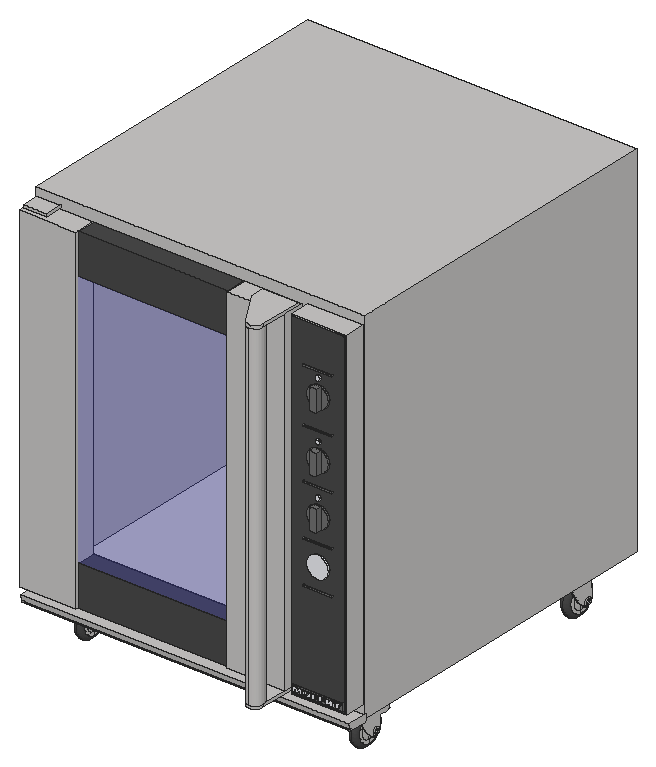
Revit family
Parameters
  Width = 28 7/8"
  Weight in Pounds = 171
  Watts = 1450 W
  Volts = 120 V
  URL Cutsheet = "www.moffat.com"
  URL = "www.moffat.com"
  Type Mark [instance] = ""
  Status [instance] = ""
  Specification by User [instance] = ""
  Specification by Manufacturer = ""
  Show Logo [instance] = yes
  Show Clearance [instance] = yes
  Serial Number = ""
  Seismic Rating = ""
  SMACNA No = ""
  Revision Code [instance] = ""
  Plumbing Remarks [instance] = ""
  Plumbing Connection Type [instance] = ""
  Phase = 1
  Omniclass Number and Title = ""
  Number of Poles [instance] = 1
  NAFEM Spec ID Number = ""
  Model = "P8M"
  Min Ckt Ampacity = 0 A
  Max Overcurrent Protection = 0 A
  Masterspec = ""
  Manufacturer = "TURBOFAN"
  Item Number [instance] = ""
  Installed By [instance] = ""
  Identify Quantity as Lot [instance] = yes
  Height = 36"
  HP = ""
  Furnished By [instance] = ""
  Foodservice Equipment Identifier [instance] = yes
  FL Amps = 11.6 A
  Electrical Remarks [instance] = ""
  Electric Connection Type [instance] = ""
  Elec Conn RI Height [instance] = 0"
  Elec Conn Connection Height [instance] = 0"
  Description = "FULL SIZE SHEET PAN - MANUAL ELECTRIC PROOFER AND HOLDING CABINET"
  Depth = 31 7/8"
  Cycle = if(Code = 0, (if([60 Hertz Option], 60 Hz, 50 Hz)), 60 Hz)  # 60 Hz
  Conn Plug = "NEMA 5-15P"
  Conn Conduit = yes
  Cold Water Temperature Recommended [instance] = -459.67 °F
  Cold Water Size = 3/4"
  Cold Water RI Height [instance] = 0"
  Cold Water Minimum Pressure [instance] = 20.00 psi
  Cold Water Maximum Pressure [instance] = 80.00 psi
  Cold Water Flow [instance] = 0 GPM
  Cold Water Consumption [instance] = ""
  Cold Water Connection Height = 0"
  Code = 0
  CSI MasterFormat = ""
  CSI Master Format = ""
  Apparent Power = if(Phase = 3, Volts * FL Amps * 1.73, Volts * FL Amps)  # 1392 VA
  60 Hertz Option = yes
  50 Hertz Option = not([60 Hertz Option])  # no
Reference planes (in)
  plane 1 "BACK": y = 0
  plane 2: z = 0
  plane 3 "LEFT": x = 0
  plane 4 "RIGHT": x = 28.875
  plane 5 "FRONT": y = -31.875
  plane 6 "TOP": z = 36
  plane 7 "Center Y": x = 14.4375
  plane 8 "Center X": y = -15.9375
  plane 9 "base": z = 3
  plane 10: z = 3.96803
  plane 11: z = 4.59795
  plane 12 "front 1": y = -29.92126
Forms (in)
  Extrusion 1, solid, material "QF_Finishes_Stainless Steel"
    sketch origin (0, 0, 0) x (1, 0, 0) y (0, 0, 1)
      loop
        line (0, 36) -> (0, 4.25) -> (28.875, 4.25) -> (28.875, 36) -> (0, 36)
      loop
        line (3, 33) -> (3, 7.59795) -> (20.48425, 7.59795) -> (20.48425, 33) -> (3, 33)
    from 0 to 29.92126
  Extrusion 2, solid, material "QF_Finishes_Stainless Steel"
    sketch origin (0, 0, 0) x (1, 0, 0) y (0, 0, 1)
      loop
        line (3, 33) -> (3, 7.59795) -> (20.48425, 7.59795) -> (20.48425, 33) -> (3, 33)
    from 0 to 2
  Extrusion 3, solid, material "QF_Finishes_Stainless Steel"
    sketch origin (0, -29.92126, 0) x (1, 0, 0) y (0, 0, 1)
      loop
        line (0.15748, 35.06055) -> (0.15748, 5.40157) -> (5.11811, 5.40157) -> (5.11811, 35.06055) -> (0.15748, 35.06055)
      loop
        line (18.36614, 35.06055) -> (18.36614, 5.40157) -> (23.48425, 5.40157) -> (23.48425, 35.06055) -> (18.36614, 35.06055)
    from 0.125 to 1.95374
  Extrusion 4, solid, material "QF_Finishes_Stainless Steel"
    sketch origin (0, -29.92126, 0) x (1, 0, 0) y (0, 0, 1)
      loop
        line (24.01575, 35.29677) -> (24.01575, 5.39913) -> (28.875, 5.39913) -> (28.875, 35.29677) -> (24.01575, 35.29677)
    from 0.125 to 1.95374
  Extrusion 5, solid, material "QF_Finishes_Black"
    sketch origin (0, -29.92126, 0) x (1, 0, 0) y (0, 0, 1)
      loop
        line (5.11811, 35.06055) -> (5.11811, 31.51724) -> (18.36614, 31.51724) -> (18.36614, 35.06055) -> (5.11811, 35.06055)
      loop
        line (5.11811, 5.40157) -> (18.36614, 5.40157) -> (18.36614, 8.94488) -> (5.11811, 8.94488) -> (5.11811, 5.40157)
    from 0.125 to 1.75
  Extrusion 6, solid, material "Glass"
    sketch origin (0, -29.92126, 0) x (1, 0, 0) y (0, 0, 1)
      loop
        line (5.11811, 31.51724) -> (5.11811, 8.94488) -> (18.36614, 8.94488) -> (18.36614, 31.51724) -> (5.11811, 31.51724)
    from 0.125 to 1.75
  Extrusion 7, solid, material "QF_Finishes_Stainless Steel"
    sketch origin (0.15748, -29.92126, 35.06055) x (1, 0, 0) y (0, 1, 0)
      loop
        arc (22.00626, -4.67108) -> (22.78105, -4.98323) -> (23.2874, -4.3189) r 0.68898
        line (23.2874, -4.3189) -> (23.2874, -0.43307) -> (20.17717, -0.43307) -> (20.17717, -1.68743) -> (22.00626, -4.67108)
      loop
        line (0, 0) -> (0, -1.5) -> (2, -1.5) -> (2, 0) -> (0, 0)
    from 0 to 0.25
  Extrusion 8, solid, material "QF_Finishes_Stainless Steel"
    sketch origin (23.48425, -29.92126, 5.40157) x (0, 1, 0) y (1, 0, 0)
      loop
        line (-4.67108, -1.32051) -> (-1.68743, -3.14961) -> (-0.43307, -3.14961) -> (-0.43307, -0.03937) -> (-4.3189, -0.03937)
        arc (-4.3189, -0.03937) -> (-4.98323, -0.54572) -> (-4.67108, -1.32051) r 0.68898
      loop
        line (0, -23.32677) -> (0, -21.32677) -> (-1.5, -21.32677) -> (-1.5, -23.32677) -> (0, -23.32677)
    from 0 to 0.25
  Extrusion 9, solid, material "QF_Finishes_Stainless Steel"
    sketch origin (0.15748, -29.92126, 35.06055) x (0, 1, 0) y (1, 0, 0)
      loop
        circle (-4.3189, 22.59843) r 0.68898
    from 0 to 29.66142
  Extrusion 10, solid, material "QF_Finishes_Black"
    sketch origin (0, -31.875, 0) x (1, 0, 0) y (0, 0, 1)
      loop
        line (24.14075, 35.17177) -> (24.14075, 5.52413) -> (28.75, 5.52413) -> (28.75, 35.17177) -> (24.14075, 35.17177)
    from 0 to 0.0625
  Extrusion 11, solid, material "QF_Finishes_Rubber Black"
    sketch origin (0, -31.9375, 0) x (1, 0, 0) y (0, 0, 1)
      loop
        circle (26.47638, 29.67323) r 0.94488
      loop
        circle (26.47638, 24.66142) r 0.94488
      loop
        circle (26.47638, 20.22441) r 0.94488
      loop
        line (25.19589, 31.81009) -> (25.19589, 31.71431) -> (27.69589, 31.71431) -> (27.69589, 31.81009) -> (25.19589, 31.81009)
      loop
        line (25.19589, 27.06009) -> (25.19589, 26.96431) -> (27.69589, 26.96431) -> (27.69589, 27.06009) -> (25.19589, 27.06009)
      loop
        line (25.19589, 22.62308) -> (25.19589, 22.52731) -> (27.69589, 22.52731) -> (27.69589, 22.62308) -> (25.19589, 22.62308)
      loop
        line (25.19589, 18.18607) -> (25.19589, 18.0903) -> (27.69589, 18.0903) -> (27.69589, 18.18607) -> (25.19589, 18.18607)
      loop
        line (25.19589, 14.43607) -> (25.19589, 14.3403) -> (27.69589, 14.3403) -> (27.69589, 14.43607) -> (25.19589, 14.43607)
    from 0 to 0.125
  Extrusion 12, solid, material "QF_Finishes_White"
    sketch origin (0, -31.9375, 0) x (1, 0, 0) y (0, 0, 1)
      loop
        circle (26.47638, 31.14961) r 0.19685
      loop
        circle (26.47638, 26.1378) r 0.19685
      loop
        circle (26.47638, 21.70079) r 0.19685
      loop
        circle (26.47638, 16.2874) r 0.94488
    from 0 to 0.125
  Extrusion 13, solid, material "QF_Finishes_Rubber Black"
    sketch origin (0, -32.0625, 0) x (1, 0, 0) y (0, 0, 1)
      loop
        arc (26.79134, 30.56407) -> (26.47638, 30.61811) -> (26.16142, 30.56407) r 0.94488
        line (26.16142, 30.56407) -> (26.16142, 28.78239)
        arc (26.16142, 28.78239) -> (26.47638, 28.72835) -> (26.79134, 28.78239) r 0.94488
        line (26.79134, 28.78239) -> (26.79134, 30.56407)
      loop
        arc (26.79134, 25.55226) -> (26.47638, 25.6063) -> (26.16142, 25.55226) r 0.94488
        line (26.16142, 25.55226) -> (26.16142, 23.77057)
        arc (26.16142, 23.77057) -> (26.47638, 23.71654) -> (26.79134, 23.77057) r 0.94488
        line (26.79134, 23.77057) -> (26.79134, 25.55226)
      loop
        arc (26.79134, 21.11525) -> (26.47638, 21.16929) -> (26.16142, 21.11525) r 0.94488
        line (26.16142, 21.11525) -> (26.16142, 19.33357)
        arc (26.16142, 19.33357) -> (26.47638, 19.27953) -> (26.79134, 19.33357) r 0.94488
        line (26.79134, 19.33357) -> (26.79134, 21.11525)
    from 0 to 0.5
  Extrusion 14, solid, material "QF_Finishes_Stainless Steel"
    sketch origin (0, 0, 0) x (0, 1, 0) y (0, 0, 1)
      loop
        line (-29.79134, 4.59795) -> (-31.59755, 4.59795) -> (-31.45222, 4.05557)
        arc (-31.45222, 4.05557) -> (-31.41004, 3.99244) -> (-31.33813, 3.96803) r 0.11811
        line (-31.33813, 3.96803) -> (-29.90945, 3.96803)
        arc (-29.90945, 3.96803) -> (-29.82593, 4.00262) -> (-29.79134, 4.08614) r 0.11811
        line (-29.79134, 4.08614) -> (-29.79134, 4.59795)
    from 0 to 28.875
  Extrusion 15, solid, material "QF_Finishes_Stainless Steel"
    sketch origin (0, 0, 0) x (1, 0, 0) y (0, 0, 1)
      loop
        circle (24.84252, 32.26378) r 0.375
      loop
        circle (27.93701, 10.46803) r 0.5
    from 0 to -0.25
  Extrusion 16, solid, material "QF_Finishes_White", visible <- "Show Logo", detail levels medium+fine
    sketch origin (-216.37389, -32, 24.64305) x (0, 0, 1) y (-1, 0, 0)
      loop
        line (-18.8403, -240.70405) -> (-18.8403, -240.82356) -> (-18.71482, -240.82356) -> (-18.8403, -240.94904) -> (-18.8403, -241.1233) -> (-18.70217, -241.23921) -> (-18.86416, -241.25338) -> (-18.86416, -241.50338) -> (-18.4776, -241.50338) -> (-18.4776, -241.25338) -> (-18.61247, -241.14021) -> (-18.61247, -241.09448) -> (-18.4776, -241.00004) -> (-18.4776, -240.70405) -> (-18.8403, -240.70405)
      loop
        line (-18.4776, -241.65997) -> (-18.55758, -241.58) -> (-18.78625, -241.58) -> (-18.86416, -241.65791) -> (-18.86416, -242.19341) -> (-18.80186, -242.25571) -> (-18.55186, -242.25571) -> (-18.4776, -242.18146) -> (-18.4776, -241.65997)
      loop
        circle (-18.66997, -241.91009) r 0.17543
      loop
        line (-18.4776, -242.864) -> (-18.4776, -242.34319) -> (-18.86416, -242.34319) -> (-18.86416, -242.59319) -> (-18.76042, -242.59319) -> (-18.76042, -242.864) -> (-18.66722, -242.864) -> (-18.66722, -242.59319) -> (-18.57129, -242.59319) -> (-18.57129, -242.864) -> (-18.4776, -242.864)
      loop
        line (-18.4776, -243.4643) -> (-18.4776, -242.94349) -> (-18.86416, -242.94349) -> (-18.86416, -243.19349) -> (-18.76042, -243.19349) -> (-18.76042, -243.4643) -> (-18.66722, -243.4643) -> (-18.66722, -243.19349) -> (-18.57129, -243.19349) -> (-18.57129, -243.4643) -> (-18.4776, -243.4643)
      loop
        line (-18.4776, -243.57443) -> (-18.51098, -243.54105) -> (-18.86416, -243.54105) -> (-18.86416, -243.82065) -> (-18.77961, -243.82065) -> (-18.77961, -243.96424) -> (-18.86416, -243.96424) -> (-18.86416, -244.21424) -> (-18.5313, -244.21424) -> (-18.4776, -244.16054) -> (-18.4776, -243.57443)
      loop
        line (-18.65078, -243.82065) -> (-18.65078, -243.96424) -> (-18.60418, -243.96424) -> (-18.57129, -243.93135) -> (-18.57129, -243.85403) -> (-18.60467, -243.82065) -> (-18.65078, -243.82065)
      loop
        line (-18.46045, -244.27159) -> (-18.57129, -244.27159) -> (-18.57129, -244.41961) -> (-18.86416, -244.41961) -> (-18.86416, -244.69372) -> (-18.57129, -244.69372) -> (-18.57129, -244.86093) -> (-18.46045, -244.86093) -> (-18.46045, -244.27159)
    from 0 to 0.0625
  Extrusion 17, solid, material "QF_Finishes_Rubber Black", visible <- "Show Logo", detail levels medium+fine
    sketch origin (-216.43639, -31.9375, 24.64305) x (0, 0, 1) y (-1, 0, 0)
      loop
        line (-18.35157, -240.65725) -> (-18.99829, -240.65725) -> (-18.99829, -245.0744) -> (-18.35157, -245.0744) -> (-18.35157, -240.65725)
    from 0 to 0.0625
  Extrusion 18, solid, material "QF_Finishes_Door Clearance", visible <- "Show Clearance", detail levels coarse
    sketch origin (0, 0, 0) x (1, 0, 0) y (0, 1, 0)
      loop
        line (23.48425, -31.875) -> (0.15748, -31.875) -> (0.15748, -55.20177)
        arc (0.15748, -55.20177) -> (16.652, -48.36952) -> (23.48425, -31.875) r 23.32677
    from 5.39913 to 35.06055
  Extrusion 19, solid, material "QF_Finishes_Clearance", visible <- "Show Clearance", detail levels coarse
    sketch origin (0, 0, 0) x (1, 0, 0) y (0, 1, 0)
      loop
        line (28.875, 0) -> (28.875, -31.875) -> (29.875, -31.875) -> (29.875, 0) -> (28.875, 0)
    from 0 to 36
Cuts and joins
  joined: Extrusion 1, Extrusion 2
Lines and regions (in)
  symbolic lines
    curve 1: line (0, 0, 0) -> (28.875, 0, 0)
    curve 2: line (0, -29.92126, 0) -> (0, 0, 0)
    curve 3: line (28.875, -29.92126, 0) -> (0, -29.92126, 0)
    curve 4: line (28.875, 0, 0) -> (28.875, -29.92126, 0)
    curve 5: line (24.01575, -31.875, 0) -> (28.875, -31.875, 0)
    curve 6: line (24.01575, -29.92126, 0) -> (24.01575, -31.875, 0)
    curve 7: line (28.875, -31.875, 0) -> (28.875, -29.92126, 0)
    curve 8: line (23.48425, -30.04626, 0) -> (0.15748, -30.04626, 0)
    curve 9: line (23.48425, -31.875, 0) -> (23.48425, -30.04626, 0)
    curve 10: line (23.44488, -30.35433, 0) -> (20.33465, -30.35433, 0)
    curve 11: line (20.33465, -30.35433, 0) -> (20.33465, -31.60869, 0)
    curve 12: line (20.33465, -31.60869, 0) -> (22.16374, -34.59234, 0)
    curve 13: arc (22.16374, -34.59234, 0) -> (22.93853, -34.90449, 0) -> (23.44488, -34.24016, 0) r 0.68898
    curve 14: line (23.44488, -34.24016, 0) -> (23.44488, -30.35433, 0)
    curve 15: line (24.01575, -31.59755, 0) -> (23.48425, -31.59755, 0)
    curve 16: line (23.48425, -31.875, 0) -> (23.44488, -31.875, 0)
    curve 17: line (20.4979, -31.875, 0) -> (0.15748, -31.875, 0)
    curve 18: line (0.15748, -31.875, 0) -> (0.15748, -30.04626, 0)
    curve 19: line (0, -29.92126, 0) -> (0, -31.59755, 0)
    curve 20: line (0, -31.59755, 0) -> (0.15748, -31.59755, 0)
  symbolic lines, style "QF-Door Swings"
    curve 21: arc (0.15748, -55.20177, 0) -> (16.652, -48.36952, 0) -> (23.48425, -31.875, 0) r 23.32677
    curve 22: line (0.15748, -31.875, 0) -> (0.15748, -55.20177, 0)
  symbolic lines, style "QF-Clearances", visible <- "Show Clearance", detail levels coarse
    curve 23: line (29.875, -31.875, 0) -> (29.875, 0, 0)
  symbolic lines, style "SpecialityEquipmentHiddenLines"
    curve 24: line (3.16305, -1.37807, 0) -> (3.81257, -1.75307, 0)
    curve 25: line (1.66305, -3.97615, 0) -> (3.16305, -1.37807, 0)
    curve 26: line (2.31257, -4.35115, 0) -> (1.66305, -3.97615, 0)
    curve 27: line (3.81257, -1.75307, 0) -> (2.31257, -4.35115, 0)
    curve 28: line (26.66305, -1.37807, 0) -> (27.31257, -1.75307, 0)
    curve 29: line (25.16305, -3.97615, 0) -> (26.66305, -1.37807, 0)
    curve 30: line (25.81257, -4.35115, 0) -> (25.16305, -3.97615, 0)
    curve 31: line (27.31257, -1.75307, 0) -> (25.81257, -4.35115, 0)
    curve 32: line (3.16305, -25.37807, 0) -> (3.81257, -25.75307, 0)
    curve 33: line (1.66305, -27.97615, 0) -> (3.16305, -25.37807, 0)
    curve 34: line (2.31257, -28.35115, 0) -> (1.66305, -27.97615, 0)
    curve 35: line (3.81257, -25.75307, 0) -> (2.31257, -28.35115, 0)
    curve 36: line (26.66305, -25.37807, 0) -> (27.31257, -25.75307, 0)
    curve 37: line (25.16305, -27.97615, 0) -> (26.66305, -25.37807, 0)
    curve 38: line (25.81257, -28.35115, 0) -> (25.16305, -27.97615, 0)
    curve 39: line (27.31257, -25.75307, 0) -> (25.81257, -28.35115, 0)
Dimensions and locks (in)
  equal spacing: plane 3 "LEFT", plane 7 "Center Y", plane 4 "RIGHT"
  "Width": plane 3 "LEFT" to plane 4 "RIGHT"
  equal spacing: plane 5 "FRONT", plane 8 "Center X", plane 1 "BACK"
  "Depth": plane 5 "FRONT" to plane 1 "BACK"
  "Height": plane 6 "TOP" to level
  plane 9 "base" to level = 3"
  aligned and locked: level to plane 2
  aligned and locked: Extrusion 1 to plane 12 "front 1"
  aligned and locked: plane 4 "RIGHT" to Extrusion 14
Automatic sketch dimensions
  plane 3 "LEFT" to Extrusion 2 sketch curve = 3"
  Extrusion 2 sketch curve to plane 11 = 3"
  plane 7 "Center Y" to Extrusion 2 sketch curve = 6.04675"
  Extrusion 2 sketch curve to plane 6 "TOP" = 3"
  plane 1 "BACK" to curve 1 = 0"
  curve 1 to plane 3 "LEFT" = 0"
  plane 5 "FRONT" to curve 22 = 0"
  plane 5 "FRONT" to curve 21 = 0"
  plane 5 "FRONT" to curve 5 = 0"
  curve 6 to plane 12 "front 1" = 0"
  curve 7 to plane 4 "RIGHT" = 0"
  plane 1 "BACK" to curve 23 = 0"
  plane 5 "FRONT" to curve 23 = 0"
  plane 3 "LEFT" to curve 20 = 0.15748"
  plane 3 "LEFT" to curve 25 = 1.66305"
  plane 3 "LEFT" to curve 34 = 1.66305"
  curve 34 to curve 35 = 0.64952"
  curve 25 to curve 26 = 0.64952"
  plane 1 "BACK" to curve 25 = 1.37807"
  curve 25 to curve 25 = 1 1/2"
  curve 33 to curve 33 = 1 1/2"
  curve 11 to plane 5 "FRONT" = 0.26631"
  plane 7 "Center Y" to curve 11 = 5.89715"
  curve 11 to curve 17 = 0.16326"
  plane 5 "FRONT" to curve 12 = 2.71734"
  curve 12 to curve 13 = 0.59216"
  curve 13 to curve 14 = 0.68898"
  curve 16 to curve 21 = 0.03937"
  curve 9 to curve 5 = 0.5315"
  curve 30 to plane 4 "RIGHT" = 3.71195"
  curve 6 to curve 38 = 1.1473"
  curve 29 to curve 30 = 0.64952"
  plane 12 "front 1" to curve 39 = 1.57011"
  curve 37 to curve 39 = 0.64952"
  curve 37 to plane 4 "RIGHT" = 2.21195"
  curve 29 to plane 4 "RIGHT" = 2.21195"
  plane 4 "RIGHT" to curve 23 = 1"
  curve 20 to plane 5 "FRONT" = 0.27745"
  curve 15 to plane 5 "FRONT" = 0.27745"
  curve 14 to plane 12 "front 1" = 0.43307"
  curve 8 to plane 12 "front 1" = 1/8"
  plane 12 "front 1" to curve 34 = 1.57011"
  curve 38 to curve 38 = 3/8"
  curve 34 to curve 33 = 3/8"
  plane 1 "BACK" to curve 30 = 4.35115"
  curve 26 to curve 24 = 2.97308"
  curve 30 to curve 30 = 3/8"
  Extrusion 1 sketch curve to plane 3 "LEFT" = 0"
  Extrusion 1 sketch curve to plane 4 "RIGHT" = 0"
  Extrusion 1 sketch curve to plane 6 "TOP" = 0"
  plane 3 "LEFT" to Extrusion 1 sketch curve = 3"
  Extrusion 1 sketch curve to plane 6 "TOP" = 3"
  plane 7 "Center Y" to Extrusion 1 sketch curve = 6.04675"
  Extrusion 1 sketch curve to plane 11 = 3"
  plane 10 to Extrusion 1 sketch curve = 0.28197"
  Extrusion 3 sketch curve to Extrusion 1 = 0.15748"
  Extrusion 1 to Extrusion 3 sketch curve = 2.11811"  (x2)
  Extrusion 3 sketch curve to Extrusion 1 = 0.93945"  (x2)
  Extrusion 3 sketch curve to Extrusion 1 = 3"
  Extrusion 3 sketch curve to Extrusion 1 = 1.15157"  (x2)
  Extrusion 4 sketch curve to Extrusion 1 = 0"
  Extrusion 4 sketch curve to Extrusion 1 = 0.70323"
  Extrusion 4 sketch curve to Extrusion 1 = 3.5315"
  Extrusion 4 sketch curve to Extrusion 1 = 1.14913"
  Extrusion 5 sketch curve to Extrusion 1 = 0.93945"
  Extrusion 1 to Extrusion 5 sketch curve = 2.11811"  (x4)
  Extrusion 1 to Extrusion 5 sketch curve = 1.48276"
  Extrusion 1 to Extrusion 5 sketch curve = 1.34693"
  Extrusion 5 sketch curve to Extrusion 1 = 1.15157"
  Extrusion 1 to Extrusion 6 sketch curve = 2.11811"  (x2)
  Extrusion 1 to Extrusion 6 sketch curve = 1.34693"
  Extrusion 1 to Extrusion 6 sketch curve = 1.48276"
  Extrusion 7 sketch curve to Extrusion 3 = 0"
  Extrusion 3 to Extrusion 7 sketch curve = 0.45374"
  Extrusion 7 sketch curve to Extrusion 3 = 2"
  Extrusion 3 to Extrusion 7 sketch curve = 0.26631"
  Extrusion 3 to Extrusion 7 sketch curve = 15.21654"
  Extrusion 7 sketch curve to Extrusion 7 sketch curve = 1.8291"
  Extrusion 7 sketch curve to Extrusion 7 sketch curve = 0.59216"
  Extrusion 7 sketch curve to Extrusion 7 sketch curve = 0.68898"
  Extrusion 7 sketch curve to Extrusion 3 = 2.36516"
  Extrusion 3 to Extrusion 7 sketch curve = 0.30807"
  Extrusion 7 sketch curve to Extrusion 3 = 1/8"
  Extrusion 3 to Extrusion 8 sketch curve = 1.32051"
  Extrusion 3 to Extrusion 8 sketch curve = 2.71734"
  Extrusion 3 to Extrusion 8 sketch curve = 0.03937"
  Extrusion 8 sketch curve to Extrusion 8 sketch curve = 0.35218"
  Extrusion 8 sketch curve to Extrusion 3 = 0.26631"
  Extrusion 8 sketch curve to Extrusion 3 = 0.45374"
  Extrusion 8 sketch curve to Extrusion 3 = 0.30807"
  Extrusion 3 to Extrusion 8 sketch curve = 1/8"
  Extrusion 8 sketch curve to Extrusion 3 = 1.9685"
  Extrusion 3 to Extrusion 8 sketch curve = 16.20866"
  Extrusion 8 sketch curve to Extrusion 8 sketch curve = 2"
  Extrusion 10 sketch curve to Extrusion 4 = 1/8"  (x4)
  Extrusion 12 sketch curve to Extrusion 10 = 2.27362"  (x4)
  Extrusion 12 sketch curve to Extrusion 10 = 10.76327"
  Extrusion 12 sketch curve to Extrusion 12 sketch curve = 5.41339"
  Extrusion 12 sketch curve to Extrusion 12 sketch curve = 4.43701"
  Extrusion 12 sketch curve to Extrusion 10 = 4.02216"
  Extrusion 13 sketch curve to Extrusion 13 sketch curve = 0.31496"  (x3)
  Extrusion 13 sketch curve to Extrusion 13 sketch curve = 0.62992"  (x3)
  plane 11 to Extrusion 14 sketch curve = 0"
  Extrusion 14 sketch curve to plane 5 "FRONT" = 0.27745"
  plane 10 to Extrusion 14 sketch curve = 0.08754"
  Extrusion 14 sketch curve to plane 5 "FRONT" = 0.42278"
  Extrusion 14 sketch curve to Extrusion 14 sketch curve = 0.11409"
  plane 10 to Extrusion 14 sketch curve = 0"
  plane 12 "front 1" to Extrusion 14 sketch curve = 0.01181"
  plane 12 "front 1" to Extrusion 14 sketch curve = 0.12992"
  Extrusion 15 sketch curve to plane 4 "RIGHT" = 4.03248"
  Extrusion 15 sketch curve to plane 4 "RIGHT" = 0.93799"
  Extrusion 15 sketch curve to plane 11 = 5.87008"
  Extrusion 15 sketch curve to plane 6 "TOP" = 3.73622"
  Extrusion 16 sketch curve to Extrusion 17 = 0.13413"  (x7)
  Extrusion 16 sketch curve to Extrusion 17 = 0.15799"
  Extrusion 16 sketch curve to Extrusion 16 sketch curve = 0"  (x4)
  Extrusion 16 sketch curve to Extrusion 16 sketch curve = 0.0623"  (x2)
  Extrusion 16 sketch curve to Extrusion 16 sketch curve = 0.07791"  (x2)
  Extrusion 16 sketch curve to Extrusion 16 sketch curve = 0.08455"
  Extrusion 16 sketch curve to Extrusion 16 sketch curve = 0.10374"  (x2)
  Extrusion 16 sketch curve to Extrusion 16 sketch curve = 0.12548"  (x2)
  Extrusion 16 sketch curve to Extrusion 16 sketch curve = 0.16199"
  Extrusion 16 sketch curve to Extrusion 16 sketch curve = 0.19419"
  Extrusion 16 sketch curve to Extrusion 16 sketch curve = 0.0932"  (x2)
  Extrusion 16 sketch curve to Extrusion 16 sketch curve = 0.12883"
  Extrusion 16 sketch curve to Extrusion 16 sketch curve = 0.0897"
  Extrusion 16 sketch curve to Extrusion 16 sketch curve = 0.04611"
  Extrusion 16 sketch curve to Extrusion 16 sketch curve = 0.0466"
  Extrusion 16 sketch curve to Extrusion 16 sketch curve = 0.09594"  (x2)
  Extrusion 16 sketch curve to Extrusion 16 sketch curve = 0.03289"  (x2)
  Extrusion 16 sketch curve to Extrusion 17 = 0.21971"  (x2)
  Extrusion 16 sketch curve to Extrusion 17 = 0.20601"
  Extrusion 16 sketch curve to Extrusion 17 = 0.20028"
  Extrusion 16 sketch curve to Extrusion 16 sketch curve = 0.03999"
  Extrusion 16 sketch curve to Extrusion 16 sketch curve = 0.0603"
  Extrusion 16 sketch curve to Extrusion 16 sketch curve = 0.03338"  (x4)
  Extrusion 16 sketch curve to Extrusion 16 sketch curve = 0.07425"  (x2)
  Extrusion 16 sketch curve to Extrusion 16 sketch curve = 0.07998"  (x2)
  Extrusion 16 sketch curve to Extrusion 17 = 0.12603"
  Extrusion 16 sketch curve to Extrusion 17 = 0.10888"
  Extrusion 16 sketch curve to Extrusion 17 = 0.15098"
  Extrusion 16 sketch curve to Extrusion 16 sketch curve = 0.16721"
  Extrusion 16 sketch curve to Extrusion 16 sketch curve = 0.27411"
  Extrusion 16 sketch curve to Extrusion 16 sketch curve = 0.14802"
  Extrusion 16 sketch curve to Extrusion 16 sketch curve = 0.20537"
  Extrusion 16 sketch curve to Extrusion 16 sketch curve = 0.05369"
  Extrusion 16 sketch curve to Extrusion 16 sketch curve = 0.19631"
  Extrusion 16 sketch curve to Extrusion 16 sketch curve = 0.07731"
  Extrusion 16 sketch curve to Extrusion 16 sketch curve = 0.14359"
  Extrusion 16 sketch curve to Extrusion 16 sketch curve = 0.24622"
  Extrusion 16 sketch curve to Extrusion 16 sketch curve = 0.07675"  (x2)
  Extrusion 16 sketch curve to Extrusion 16 sketch curve = 0.27081"  (x2)
  Extrusion 16 sketch curve to Extrusion 16 sketch curve = 1/4"  (x4)
  Extrusion 16 sketch curve to Extrusion 16 sketch curve = 0.07949"  (x2)
  Extrusion 16 sketch curve to Extrusion 16 sketch curve = 0.08747"
  Extrusion 16 sketch curve to Extrusion 16 sketch curve = 0.27137"
  Extrusion 16 sketch curve to Extrusion 16 sketch curve = 0.25011"
  Extrusion 16 sketch curve to Extrusion 16 sketch curve = 0.25218"
  Extrusion 16 sketch curve to Extrusion 16 sketch curve = 0.07662"
  Extrusion 16 sketch curve to Extrusion 16 sketch curve = 0.01417"
  Extrusion 16 sketch curve to Extrusion 16 sketch curve = 0.09899"
  Extrusion 16 sketch curve to Extrusion 16 sketch curve = 0.13008"
  Extrusion 16 sketch curve to Extrusion 16 sketch curve = 0.04573"
  Extrusion 16 sketch curve to Extrusion 16 sketch curve = 0.09443"
  Extrusion 16 sketch curve to Extrusion 16 sketch curve = 0.17426"
  Extrusion 16 sketch curve to Extrusion 17 = 0.1093"
  Extrusion 17 sketch curve to plane 11 = 1.04681"
  Extrusion 17 sketch curve to Extrusion 17 sketch curve = 0.64672"
  Extrusion 17 sketch curve to plane 4 "RIGHT" = 0.23699"
  Extrusion 17 sketch curve to Extrusion 17 sketch curve = 4.41715"
  plane 5 "FRONT" to Extrusion 18 sketch curve = 0"
  plane 3 "LEFT" to Extrusion 18 sketch curve = 0.15748"
  Extrusion 18 sketch curve to plane 4 "RIGHT" = 5.39075"
  Extrusion 19 sketch curve to plane 4 "RIGHT" = 0"
  plane 5 "FRONT" to Extrusion 19 sketch curve = 0"
  plane 1 "BACK" to Extrusion 19 sketch curve = 0"
  plane 4 "RIGHT" to Extrusion 19 sketch curve = 1"
  Extrusion 11 sketch curve to Extrusion 10 = 1.05515"  (x5)
  Extrusion 11 sketch curve to Extrusion 10 = 2.27362"  (x3)
  Extrusion 11 sketch curve to Extrusion 10 = 1.05411"  (x5)
  Extrusion 11 sketch curve to Extrusion 10 = 8.81617"
  Extrusion 11 sketch curve to Extrusion 11 sketch curve = 0.09577"  (x5)
  Extrusion 11 sketch curve to Extrusion 11 sketch curve = 3.65423"
  Extrusion 11 sketch curve to Extrusion 11 sketch curve = 2.03834"  (x2)
  Extrusion 11 sketch curve to Extrusion 11 sketch curve = 2.3029"  (x2)
  Extrusion 11 sketch curve to Extrusion 11 sketch curve = 2.61314"
  Extrusion 11 sketch curve to Extrusion 11 sketch curve = 2.04108"
  radius of Extrusion 9 sketch curve to Extrusion 7 = 0"
  radius of Extrusion 12 sketch curve = 0.19685"  (x3)
  radius of Extrusion 12 sketch curve = 0.94488"
  radius of Extrusion 13 sketch curve to Extrusion 11 = 0"  (x6)
  radius of Extrusion 15 sketch curve = 3/8"
  radius of Extrusion 15 sketch curve = 1/2"
  radius of Extrusion 16 sketch curve = 0.17543"
  radius of Extrusion 11 sketch curve = 0.94488"  (x3)
Nested families (in)
  nested 1: "Turbofan 3" Casters" at (26.55071, -27.66379, 0), type "Turbofan 3" Casters"
    with Type Mark "", Status "", Specification by User "", Revision Code "", Rear Caster no, Item Number "", Installed By "", Identify Quantity as Lot yes, Furnished By "", Front Caster yes, Foodservice Equipment Identifier yes
  nested 2: "Turbofan 3" Casters" at (26.55071, -4.41379, 0), type "Turbofan 3" Casters"
    with Type Mark "", Status "", Specification by User "", Revision Code "", Rear Caster yes, Item Number "", Installed By "", Identify Quantity as Lot yes, Furnished By "", Front Caster no, Foodservice Equipment Identifier yes
  nested 3: "Turbofan 3" Casters" at (2.38189, -27.66379, 0), type "Turbofan 3" Casters"
    with Type Mark "", Status "", Specification by User "", Revision Code "", Rear Caster no, Item Number "", Installed By "", Identify Quantity as Lot yes, Furnished By "", Front Caster yes, Foodservice Equipment Identifier yes
  nested 4: "Turbofan 3" Casters" at (2.38189, -4.41379, 0), type "Turbofan 3" Casters"
    with Type Mark "", Status "", Specification by User "", Revision Code "", Rear Caster yes, Item Number "", Installed By "", Identify Quantity as Lot yes, Furnished By "", Front Caster no, Foodservice Equipment Identifier yes
Connectors (in)
  piping at (24.84252, 0.25, 32.26378)
    settings: on Extrusion 15, index 1, connector radius 3/8", flow factor 0, pipe flow 0 GPM, pressure drop 0.00 psi, fitting loss kfactor 0, connector angle 0.00°, fixture units 0, flow configuration 1, flow direction 1, fitting loss method 0, system type 20, connector reference index -1, connector utility 0, adjustable connector no, is connector primary yes, fitting loss table "", connector description "Cold Water Inlet"
  electrical at (27.93701, 0.25, 10.46803), driven by "Volts", driven by "Watts"
    settings: on Extrusion 15, index 2, voltage 120 V, apparent load 1450 VA, apparent load phase1 0 VA, apparent load phase2 0 VA, apparent load phase3 0 VA, power factor 1, load classification "Other", number of poles 1, system type 30, power factor state 1, is connector primary yes, connector utility no, sub classification motor no, connector description "Electrical Connection"
Definition of nested family "Turbofan 3" Casters"
  Parameters (values of type "Turbofan 3" Casters")
    Weight = "N/A"
    URL Manufacturer = "www.hatcocorp.com"
    URL Cutsheet = "www.hatcocorp.com"
    URL = "www.hatcocorp.com"
    Type Mark [instance] = ""
    Status [instance] = ""
    Specification by User [instance] = ""
    Specification by Manufacturer = ""
    Serial Number = ""
    Seismic Rating = ""
    SMACNA No = ""
    Revision Code [instance] = ""
    Omniclass Number and Title = ""
    NAFEM Spec ID Number = ""
    Model = "HDW-CASTER -3"
    MasterSpec. = ""
    Manufacturer = "Hatco Corporation"
    Item Number [instance] = ""
    Installed By [instance] = ""
    Identify Quantity as Lot [instance] = yes
    Furnished By [instance] = ""
    Front Caster [instance] = yes
    Foodservice Equipment Identifier [instance] = yes
    Description = "Caster"
    CSI MasterFormat = ""
    CSI Master Format = ""
    Rear Caster [instance] = yes
    Assembly Code = ""
  Reference planes (in)
    plane 1 "BACK": y = 0
    plane 2: z = 0
    plane 3 "LEFT": x = 0
    plane 4 "RIGHT": x = 0
    plane 5 "FRONT": y = 0
    plane 6 "TOP": z = 4.25
  Forms (in)
    Revolve 1, solid, material "QF_Finishes_Stainless Steel"
      sketch origin (-1.93794, 0.71343, -1) x (1, 0, 0) y (0, 0, 1)
        loop
          line (0.83474, 2.5041) -> (3.04026, 2.5041) -> (3.04026, 2.6421) -> (2.99026, 2.6921) -> (2.93026, 2.6921) -> (2.93026, 2.8278) -> (2.38863, 2.8278) -> (2.30356, 3.35343) -> (2.34331, 3.35343) -> (2.34331, 3.60343) -> (2.31206, 3.60343)
          arc (2.31206, 3.60343) -> (2.21203, 3.88503) -> (1.93794, 4.0041) r 0.375
          arc (1.93794, 4.0041) -> (1.66385, 3.88503) -> (1.56382, 3.60343) r 0.375
          line (1.56382, 3.60343) -> (1.53169, 3.60343) -> (1.53169, 3.35343) -> (1.57144, 3.35343) -> (1.48637, 2.8278) -> (0.94474, 2.8278) -> (0.94474, 2.6921) -> (0.88474, 2.6921) -> (0.83474, 2.6421) -> (0.83474, 2.5041)
        axis (0.83474, 2.5041) -> (3.04026, 2.5041)
      angle from 0 to 360
    Revolve 2, solid, material "QF_Finishes_Stainless Steel"
      sketch origin (0, 2.21793, -2) x (0, 1, 0) y (0, 0, 1)
        loop
          line (-2.21793, 6.25) -> (-2.21793, 5.55584) -> (-1.18693, 5.55584) -> (-1.18693, 5.75)
          arc (-1.18693, 5.75) -> (-1.26016, 5.92678) -> (-1.43693, 6) r 0.25
          line (-1.43693, 6) -> (-1.52174, 6) -> (-1.52174, 6.1189) -> (-1.77174, 6.1189) -> (-1.77174, 6.25) -> (-2.21793, 6.25)
        axis (-2.21793, 5.55584) -> (-2.21793, 6.25)
      angle from 0 to 360
    Extrusion 3, solid, material "QF_Finishes_Stainless Steel"
      sketch origin (-1.68794, 2.21793, -1.5) x (0, 1, 0) y (0, 0, 1)
        loop
          line (-3.37793, 5.05584) -> (-3.37793, 4.77411) -> (-2.39007, 3.25294) -> (-1.8529, 2.71576)
          arc (-1.8529, 2.71576) -> (-1.29997, 2.61078) -> (-0.99965, 3.08676) r 0.5
          line (-0.99965, 3.08676) -> (-1.05793, 4.75584) -> (-1.05793, 5.05584) -> (-3.37793, 5.05584)
      from 0.78968 to 0.90247
    Extrusion 4, solid, material "QF_Finishes_Stainless Steel", visible <- "Front Caster"
      sketch origin (0.00594, 2.21793, -1.5) x (0, 1, 0) y (0, 0, 1)
        loop
          line (-3.37793, 5.05584) -> (-3.37793, 4.77411) -> (-2.39007, 3.25294) -> (-1.8529, 2.71576)
          arc (-1.8529, 2.71576) -> (-1.29997, 2.61078) -> (-0.99965, 3.08676) r 0.5
          line (-0.99965, 3.08676) -> (-1.03017, 3.96094)
          arc (-1.03017, 3.96094) -> (-0.98103, 4.07131) -> (-0.8638, 4.10054) r 0.13781
          line (-0.8638, 4.10054) -> (-0.44088, 4.01065)
          arc (-0.44088, 4.01065) -> (0.01211, 4.28283) -> (-0.22781, 4.75371) r 0.38745
          line (-0.22781, 4.75371) -> (-1.05793, 5.05584) -> (-3.37793, 5.05584)
      from 0.78968 to 0.90247
    Extrusion 5, solid, material "QF_Finishes_Black"
      sketch origin (-1.93794, 2.21793, -2) x (0, 1, 0) y (0, 0, 1)
        loop
          line (-3.37793, 5.55584) -> (-3.37793, 5.25584) -> (-3.23369, 5.25584) -> (-1.05793, 4.9942) -> (-1.05793, 5.55584) -> (-3.37793, 5.55584)
      from 1.15247 to 2.73356
    Extrusion 6, solid, material "QF_Finishes_Black", visible <- "Front Caster"
      sketch origin (-1.93794, 2.21793, -2) x (0, 1, 0) y (0, 0, 1)
        loop
          line (-0.2485, 5.80434) -> (-0.4427, 5.80434) -> (-0.61041, 5.52523) -> (-0.65032, 5.19334) -> (-0.46088, 4.69461) -> (-0.04592, 4.44527) -> (0.28109, 4.47735) -> (-0.09202, 4.79043) -> (-0.29522, 5.41581) -> (-0.2485, 5.80434)
      from 1.15247 to 2.73356
    Extrusion 7, solid, material "QF_Finishes_Stainless Steel", visible <- "Rear Caster"
      sketch origin (0.00594, 2.21793, -1.5) x (0, 1, 0) y (0, 0, 1)
        loop
          line (-3.37793, 5.05584) -> (-3.37793, 4.77411) -> (-2.39007, 3.25294) -> (-1.8529, 2.71576)
          arc (-1.8529, 2.71576) -> (-1.29997, 2.61078) -> (-0.99965, 3.08676) r 0.5
          line (-0.99965, 3.08676) -> (-1.05793, 4.75584) -> (-1.05793, 5.05584) -> (-3.37793, 5.05584)
      from 0.78968 to 0.90247
    Extrusion 8, solid, material "QF_Finishes_Stainless Steel", visible <- "Front Caster"
      sketch origin (-1.68794, 2.21793, -1.5) x (0, 1, 0) y (0, 0, 1)
        loop
          line (-3.37793, 5.05584) -> (-3.37793, 4.77411) -> (-2.39007, 3.25294) -> (-1.8529, 2.71576)
          arc (-1.8529, 2.71576) -> (-1.29997, 2.61078) -> (-0.99965, 3.08676) r 0.5
          line (-0.99965, 3.08676) -> (-1.03017, 3.96094)
          arc (-1.03017, 3.96094) -> (-0.98103, 4.07131) -> (-0.8638, 4.10054) r 0.13781
          line (-0.8638, 4.10054) -> (-0.44088, 4.01065)
          arc (-0.44088, 4.01065) -> (0.01211, 4.28283) -> (-0.22781, 4.75371) r 0.38745
          line (-0.22781, 4.75371) -> (-1.05793, 5.05584) -> (-3.37793, 5.05584)
      from 0.78968 to 0.90247
  Dimensions and locks (in)
    plane 6 "TOP" to level = 4 1/4"
    aligned and locked: level to plane 2
